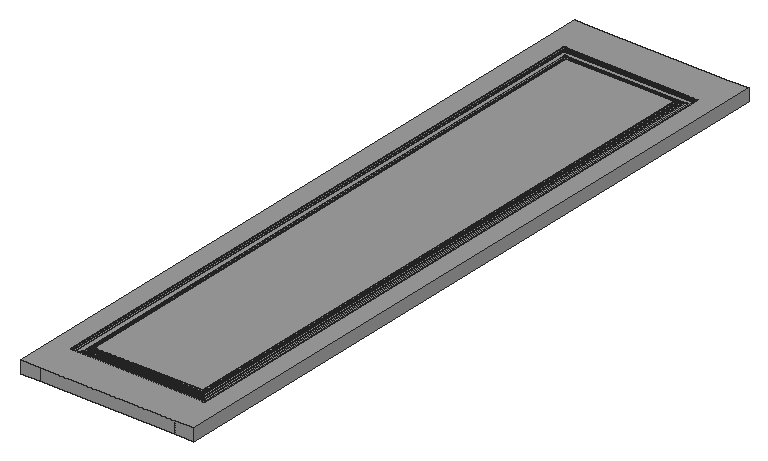
Revit family "Raised Panel single panel", category Generic Models, Revit 2017
Family settings
  Can host rebar = No
  Round Connector Dimension = Use Diameter
  Part Type = Normal
  Work Plane-Based = Yes
  Always vertical = No
  Cut with Voids When Loaded = No
  Shared = No
  Room Calculation Point = No
Parameters
  Type Comments = "**** All dimensions and configurations to be approved by NHSI ****"
  Top Rail = 0' - 4"
  Shutter Width = 1' - 6"
  Website = ""
  URL = "www.newhorizonshutters.com"
  Shutter Thickness = 0' - 1 1/4"
  Model = "Raised Panel"
  Manufacturer = "New Horizon Shutters"
  Shutter Height = 6' - 0"
  Finish Color = Default
  Default Elevation = 4' - 0"
  Mid Rail Height = 1' - 6"
  Bottom Rail = 0' - 4"
Reference planes (in)
  plane 1 "Center (Front/Back)": y = 0
  plane 2: z = 0
  plane 3 "Center (Left/Right)": x = 0
  plane 4: x = -9
  plane 5: y = 36
  plane 6: y = -36
  plane 7 "Y - axis_2": x = 9
  plane 8: z = 1.25
  plane 9: y = 32
  plane 10: y = -32
  plane 11 "Center_Rail_Datum": y = -18
  plane 12: z = 0.625
Forms (in)
  Extrusion 1, solid, material "Default" <- "Finish Color"
    sketch origin (0, 0, 0) x (1, 0, 0) y (0, 1, 0)
      loop
        line (-9, -36) -> (-7, -36) -> (7, -36) -> (9, -36) -> (9, 36) -> (7, 36) -> (-7, 36) -> (-9, 36) -> (-9, -36)
      loop
        line (7, 32) -> (-7, 32) -> (-7, -32) -> (7, -32) -> (7, 32)
    from 0 to 1.25
  Sweep 2, solid, material "Default" <- "Finish Color"
    path in 3D
      loop
        line (7, 32, 1.25) -> (7, -32, 1.25) -> (-7, -32, 1.25) -> (-7, 32, 1.25) -> (7, 32, 1.25)
    profile origin (0, 32, 1.25) x (0, 1, 0) y (0, 0, 1)
      loop
        line (-1.37752, 0) -> (-1.37752, -0.625) -> (0, -0.625) -> (0, 0)
        arc (0, 0) -> (-0.02504, -0.01378) -> (-0.04104, -0.03746) r 0.06091
        arc (-0.04104, -0.03746) -> (-0.04628, -0.0548) -> (-0.04928, -0.07267) r 0.14219
        arc (-0.04928, -0.07267) -> (-0.05171, -0.09346) -> (-0.05472, -0.11416) r 0.74503
        arc (-0.05472, -0.11416) -> (-0.05996, -0.14893) -> (-0.06674, -0.18344) r 0.79069
        arc (-0.06674, -0.18344) -> (-0.07486, -0.21112) -> (-0.08675, -0.23741) r 0.20791
        arc (-0.08675, -0.23741) -> (-0.10165, -0.25791) -> (-0.12147, -0.2737) r 0.09437
        arc (-0.12147, -0.2737) -> (-0.1457, -0.28741) -> (-0.17052, -0.3) r 0.6066
        line (-0.17052, -0.3) -> (-0.62752, -0.3)
        arc (-0.62752, -0.3) -> (-0.64208, -0.29496) -> (-0.65681, -0.29049) r 0.40453
        arc (-0.65681, -0.29049) -> (-0.67266, -0.28638) -> (-0.68869, -0.283) r 0.36191
        line (-0.68869, -0.283) -> (-0.75912, -0.24542)
        arc (-0.75912, -0.24542) -> (-0.78951, -0.24115) -> (-0.82014, -0.2391) r 0.42091
        arc (-0.82014, -0.2391) -> (-0.89256, -0.23551) -> (-0.9648, -0.22914) r 1.88003
        arc (-0.9648, -0.22914) -> (-1.00444, -0.22264) -> (-1.04313, -0.21183) r 0.36506
        arc (-1.04313, -0.21183) -> (-1.05886, -0.20433) -> (-1.07242, -0.19338) r 0.07449
        arc (-1.07242, -0.19338) -> (-1.09569, -0.17614) -> (-1.12317, -0.16702) r 0.0916
        arc (-1.12317, -0.16702) -> (-1.14278, -0.16417) -> (-1.16247, -0.16199) r 0.5759
        arc (-1.16247, -0.16199) -> (-1.18273, -0.15909) -> (-1.20261, -0.15422) r 0.20782
        arc (-1.20261, -0.15422) -> (-1.23665, -0.13494) -> (-1.25889, -0.10277) r 0.08751
        arc (-1.25889, -0.10277) -> (-1.26838, -0.08102) -> (-1.27928, -0.05995) r 0.36482
        arc (-1.27928, -0.05995) -> (-1.32053, -0.01708) -> (-1.37752, 0) r 0.11715
  Extrusion 3, solid, material "Default" <- "Finish Color"
    sketch origin (0, 0, 0) x (1, 0, 0) y (0, 1, 0)
      loop
        line (-5.62248, -30.62248) -> (5.62248, -30.62248) -> (5.62248, 30.62248) -> (-5.62248, 30.62248) -> (-5.62248, -30.62248)
    from 0.625 to 1.25
  Extrusion 4, solid, material "Default" <- "Finish Color"
    sketch origin (0, 0, 0) x (1, 0, 0) y (0, 1, 0)
      loop
        line (-6.95885, 31.95885) -> (-6.95885, -32) -> (7.00002, -32) -> (7.00002, 31.95885) -> (-6.95885, 31.95885)
    from 0 to 0.625
Lines and regions (in)
  sketch lines
    curve 1: line (-7, 32, 1.25) -> (7, 32, 1.25)
    curve 2: line (7, -32, 1.25) -> (-7, -32, 1.25)
    curve 3: line (-7, -32, 1.25) -> (-7, 32, 1.25)
    curve 4: line (7, 32, 1.25) -> (7, -32, 1.25)
Dimensions and locks (in)
  equal spacing: plane 5, plane 1 "Center (Front/Back)", plane 6
  "Shutter Height": plane 5 to plane 6
  equal spacing: plane 4, plane 3 "Center (Left/Right)", plane 7 "Y - axis_2"
  "Shutter Width": plane 4 to plane 7 "Y - axis_2"
  "Shutter Thickness": plane 8 to level
  "Top Rail": plane 5 to plane 9
  "Bottom Rail": plane 10 to plane 6
  "Mid Rail Height": plane 11 "Center_Rail_Datum" to plane 6
  locked: Extrusion 1 sketch curve to Extrusion 1 sketch curve at 2
  aligned and locked: plane 2 to level
  aligned and locked: Extrusion 1 sketch curve to plane 5
  aligned and locked: plane 9 to Extrusion 1 sketch curve
  aligned and locked: plane 6 to Extrusion 1 sketch curve
  aligned and locked: plane 4 to Extrusion 1 sketch curve
  aligned and locked: plane 7 "Y - axis_2" to Extrusion 1 sketch curve
  aligned and locked: plane 8 to Extrusion 1
  aligned and locked: Extrusion 3 sketch curve to Sweep 2
  aligned and locked: plane 8 to Extrusion 3
  aligned and locked: Extrusion 3 to plane 12
  aligned and locked: Extrusion 4 sketch curve to Sweep 2  (x2)
  aligned and locked: plane 12 to Extrusion 4
  aligned and locked: Extrusion 4 to level
  aligned and locked: plane 10 to Extrusion 4 sketch curve
  aligned and locked: plane 10 to Extrusion 1
  aligned and locked: Extrusion 3 to Sweep 2
Automatic sketch dimensions
  Sweep 2 sketch curve to profile plane = 0' - 0"  (x2)
  profile plane to Sweep 2 sketch curve = 0' - 0"
  profile plane to Sweep 2 sketch curve = 0' - 0.16984"
  Sweep 2 sketch curve to Sweep 2 sketch curve = 0' - 0.00069"
  Sweep 2 sketch curve to Sweep 2 sketch curve = 0' - 0.09997"
  Sweep 2 sketch curve to Sweep 2 sketch curve = 0' - 0.16253"
  Sweep 2 sketch curve to Sweep 2 sketch curve = 0' - 0.35771"
  Sweep 2 sketch curve to Sweep 2 sketch curve = 0' - 0.1279"
  profile plane to Sweep 2 sketch curve = 0' - 0.76337"
  Sweep 2 sketch curve to Sweep 2 sketch curve = 0' - 0.01161"
  profile plane to Sweep 2 sketch curve = 0' - 0.00344"
  Sweep 2 sketch curve to Sweep 2 sketch curve = 0' - 0.16289"
  Sweep 2 sketch curve to Sweep 2 sketch curve = 0' - 0.06582"
  Sweep 2 sketch curve to profile plane = 0' - 0.01383"
  Sweep 2 sketch curve to Sweep 2 sketch curve = 0' - 0.04861"
  Sweep 2 sketch curve to Sweep 2 sketch curve = 0' - 0.08666"
  Sweep 2 sketch curve to Sweep 2 sketch curve = 0' - 0.18014"
  Sweep 2 sketch curve to Sweep 2 sketch curve = 0' - 0.11875"
  profile plane to Sweep 2 sketch curve = 0' - 0.04493"
  Sweep 2 sketch curve to Sweep 2 sketch curve = 0' - 0.12405"
  Sweep 2 sketch curve to profile plane = 0' - 0.07036"
  Sweep 2 sketch curve to Sweep 2 sketch curve = 0' - 0.03439"
  Sweep 2 sketch curve to Sweep 2 sketch curve = 0' - 0.38301"
  Sweep 2 sketch curve to Sweep 2 sketch curve = 0' - 0.16167"
  Sweep 2 sketch curve to Sweep 2 sketch curve = 0' - 0.00403"
  Sweep 2 sketch curve to Sweep 2 sketch curve = 0' - 0.21621"
  Sweep 2 sketch curve to profile plane = 0' - 0.01602"
  Sweep 2 sketch curve to Sweep 2 sketch curve = 0' - 0.07615"
  Sweep 2 sketch curve to profile plane = 0' - 0.0872"
  Sweep 2 sketch curve to profile plane = 0' - 0.11708"
  Sweep 2 sketch curve to profile plane = 0' - 0.13884"
  Sweep 2 sketch curve to profile plane = 0' - 0.1413"
  Sweep 2 sketch curve to Sweep 2 sketch curve = 0' - 0.05383"
  Sweep 2 sketch curve to profile plane = 0' - 0.23787"
  Sweep 2 sketch curve to Sweep 2 sketch curve = 0' - 0.11612"
  Sweep 2 sketch curve to profile plane = 0' - 0.3"
  Sweep 2 sketch curve to Sweep 2 sketch curve = 0' - 0.325"
  Sweep 2 sketch curve to Sweep 2 sketch curve = 0' - 0.02111"
  Sweep 2 sketch curve to Sweep 2 sketch curve = 0' - 0.04101"
  Sweep 2 sketch curve to Sweep 2 sketch curve = 0' - 0.11042"
  Sweep 2 sketch curve to profile plane = 0' - 0.05876"
  profile plane to Sweep 2 sketch curve = 0' - 0.13382"
  profile plane to Sweep 2 sketch curve = 0' - 0.24719"
  Sweep 2 sketch curve to Sweep 2 sketch curve = 0' - 0"  (x13)
  Sweep 2 sketch curve to Sweep 2 sketch curve = 0' - 0.00544"
  Sweep 2 sketch curve to profile plane = 0' - 0.283"
  Sweep 2 sketch curve to Sweep 2 sketch curve = 0' - 0.03187"
  Sweep 2 sketch curve to Sweep 2 sketch curve = 0' - 0.07043"
  Sweep 2 sketch curve to profile plane = 0' - 0.24542"
  Sweep 2 sketch curve to Sweep 2 sketch curve = 0' - 0.06102"
  plane 10 to Extrusion 1 sketch curve = 0' - 0"
  Extrusion 1 sketch curve to Extrusion 1 sketch curve = 0' - 2"  (x2)
  plane 4 to Extrusion 1 sketch curve = 0' - 2"  (x2)
  Extrusion 1 sketch curve to plane 7 "Y - axis_2" = 0' - 2"
  plane 4 to Extrusion 3 sketch curve = 0' - 3.37752"
  Extrusion 3 sketch curve to plane 7 "Y - axis_2" = 0' - 3.37752"
  Extrusion 3 sketch curve to plane 11 "Center_Rail_Datum" = 1' - 0.62248"
  Extrusion 4 sketch curve to plane 7 "Y - axis_2" = 0' - 2"
